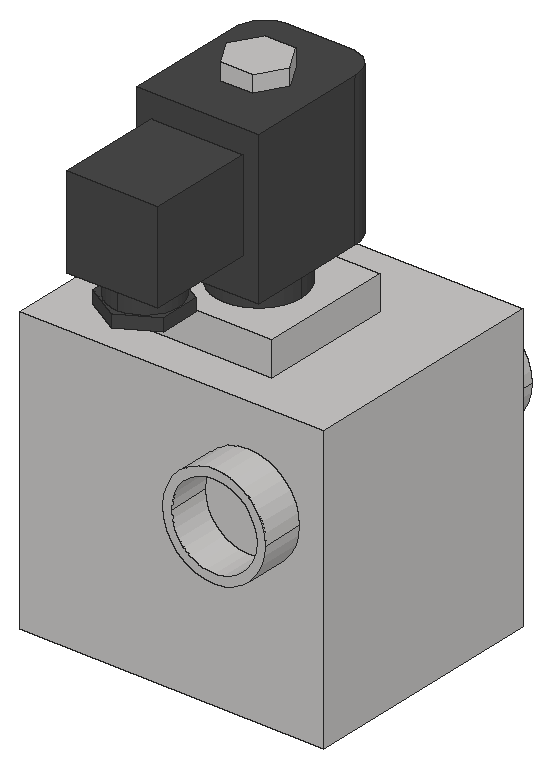
Revit family "Valvula direccional electrica", category Accesorios de tuberías, Revit 2017
Family settings
  Cota de conector redondo = Radio de uso
  Tipo de pieza = Válvula - Se divide en
  Se basa en plano de trabajo = No
  Siempre vertical = Sí
  Corte con vacíos al cargar = No
  Compartido = No
Parameters (values of type "Valvula direccional electrica G 1"")
  URL = "http://aguilera.es/?productos=valvulas-direccionales-electricas"
  Símbolo texto = yes
  Símbolo = yes
  R2 = Radio + 2.5 mm  # 15.2 mm
  Type Comments = ""
  Modelo = "AN/VDE1"
  Fabricante = "Grupo Aguilera"  # constant formula
  L mm = 108 mm
  Keynote = ""
  H mm = 154 mm
  Descripción = "Válvula direccional eléctrica.\r\nSus características principales son:\r\nTensión de alimentación: 230 Vca/50Hz.\r\nCuerpo de acero inoxidable SS304.\r\nJunta de PTFE.\r\nTemperatura de trabajo de -5 a +130ºC.\r\nPresión de trabajo de 0 a 160 bar."  # constant formula
  Code = ""
  Assembly Code = ""
  A mm = 90 mm
  Radio = 12.7 mm
Types (3, lengths in mm): name | R2 | Modelo | L mm | H mm | A mm | Radio
  Valvula direccional electrica G 1/2" | 8.9 | "AN/VDE12" | 99 | 138 | 70 | 6.4
  Valvula direccional electrica G 3/4" | 12 | "AN/VDE34" | 104 | 144 | 80 | 9.5
  Valvula direccional electrica G 1" | 15.2 | "AN/VDE1" | 108 | 154 | 90 | 12.7
Reference planes
  plane 1 "Center (Front/Back)": y = 0
  plane 2: z = 0
  plane 3 "Center (Left/Right)": x = 0
  plane 4: x = -45
  plane 5: x = 45
  plane 6: y = 54
  plane 7: y = -54
  plane 8: z = 154
  plane 9: y = 41.6
  plane 10: y = -32
  plane 11: y = -44.4
  plane 12: x = 22.5
  plane 13: z = 149.038
  plane 14: z = 84.173
  plane 15: z = 109.173
  plane 16: z = 115.302
  plane 17: through (-9.005, -47.34, 1200) normal (-0.5, 0.866, 0)
  plane 18: z = 142.18
Forms (mm)
  Extrusion 1, solid, material "Acero inoxidable"
    sketch origin (0, 0, 0) x (1, 0, 0) y (0, 1, 0)
      loop
        line (-45, -32) -> (45, -32) -> (45, 41.6) -> (-45, 41.6) -> (-45, -32)
    from 0 to 84.173
  Extrusion 2, solid, material "Acero inoxidable"
    sketch origin (70, 32, -16) x (-1, 0, 0) y (0, 0, 1)
      loop
        circle (47.5, 72.441) r 12.7
      loop
        circle (47.5, 72.441) r 15.2
    from 9.6 to 22
  Extrusion 3, solid, material "Acero inoxidable", detail levels medium+fine
    sketch origin (0, 0, 84.173) x (1, 0, 0) y (0, 1, 0)
      loop
        line (-20, -20) -> (20, -20) -> (20, 20) -> (-20, 20) -> (-20, -20)
    from 0 to 10
  Extrusion 4, solid, material "Plastico negro", detail levels medium+fine
    sketch origin (0, 0, 94.173) x (1, 0, 0) y (0, 1, 0)
      loop
        circle (0, 0) r 12.786
    from 0 to 10
  Extrusion 5, solid, material "Plastico negro", detail levels medium+fine
    sketch origin (0, 0, 104.173) x (1, 0, 0) y (0, 1, 0)
      loop
        line (-18, -22.5) -> (18, -22.5) -> (18, 13.332)
        arc (18, 13.332) -> (15.91, 19.389) -> (10.307, 22.5) r 8.956
        line (10.307, 22.5) -> (-10.307, 22.5)
        arc (-10.307, 22.5) -> (-15.91, 19.389) -> (-18, 13.332) r 8.956
        line (-18, 13.332) -> (-18, -22.5)
    from 0 to 44.865
  Extrusion 6, solid, material "Acero inoxidable", detail levels medium+fine
    sketch origin (4267.2, -168.72, 154) x (0, -1, 0) y (1, 0, 0)
      loop
        line (-176.763, -4271.844) -> (-168.72, -4276.488) -> (-160.676, -4271.844) -> (-160.676, -4262.556) -> (-168.72, -4257.912) -> (-176.763, -4262.556) -> (-176.763, -4271.844)
    from 0 to -4.962
  Extrusion 7, solid, material "Plastico negro", detail levels medium+fine
    sketch origin (-18, -22.5, 104.173) x (1, 0, 0) y (0, 0, 1)
      loop
        line (4.587, 38.007) -> (4.587, 11.129) -> (31.413, 11.129) -> (31.413, 38.007) -> (4.587, 38.007)
    from 0 to 31.5
  Extrusion 8, solid, material "Plastico negro", detail levels medium+fine
    sketch origin (13.413, -22.5, 115.302) x (0, 1, 0) y (1, 0, 0)
      loop
        circle (-19.641, -13.413) r 10
    from 0 to 6.129
  Extrusion 9, solid, material "Plastico negro", detail levels medium+fine
    sketch origin (13.413, -22.5, 109.173) x (-1, 0, 0) y (0, 1, 0)
      loop
        line (3.015, -13.638) -> (3.015, -25.645) -> (13.413, -31.648) -> (23.811, -25.645) -> (23.811, -13.638) -> (13.413, -7.634) -> (3.015, -13.638)
    from 0 to 3.702
  Extrusion 10, solid, material "Acero inoxidable"
    sketch origin (70, 32, -16) x (-1, 0, 0) y (0, 0, 1)
      loop
        circle (47.5, 72.441) r 12.7
      loop
        circle (47.5, 72.441) r 15.2
    from -76.4 to -64
Dimensions and locks
  equal spacing: plane 4, plane 3 "Center (Left/Right)", plane 5
  "A mm": plane 4 to plane 5
  equal spacing: plane 6, plane 1 "Center (Front/Back)", plane 7
  "L mm": plane 6 to plane 7
  "H mm": plane 8 to plane 2
  locked: plane 6 to plane 9 at 12.4
  locked: plane 10 to plane 11 at 12.4
  equal spacing: plane 5, plane 12, plane 3 "Center (Left/Right)"
  plane 3 "Center (Left/Right)" to Extrusion 5 = 18 mm
  locked: plane 8 to plane 13 at 4.962
  locked: plane 13 to plane 14 at 64.865
  equal spacing: Extrusion 3 sketch curve, plane 3 "Center (Left/Right)", Extrusion 3 sketch curve
  Extrusion 3 sketch curve to Extrusion 3 sketch curve = 40 mm  (x2)
  Extrusion 3 to Extrusion 4 sketch curve = 7.214 mm
  equal spacing: Extrusion 3 sketch curve, plane 1 "Center (Front/Back)", Extrusion 3 sketch curve
  equal spacing: Extrusion 9 sketch curve, plane 3 "Center (Left/Right)", Extrusion 9 sketch curve
  Extrusion 9 sketch curve to Extrusion 9 sketch curve = 20.796 mm  (x2)
  equal spacing: Extrusion 9 sketch curve, plane 17, Extrusion 9 sketch curve
  locked: plane 15 to plane 14 at 25
  locked: plane 18 to plane 16 at 26.878
  locked: plane 13 to plane 18 at 6.858
  "Radio": radius of Extrusion 2 sketch curve
  radius of Extrusion 4 sketch curve = 12.786 mm
  "Radio": radius of Extrusion 10 sketch curve
  "R2": radius of Extrusion 10 sketch curve
  "R2": radius of Extrusion 2 sketch curve
  aligned and locked: level to plane 2
  aligned and locked: Extrusion 1 sketch curve to plane 4
  aligned and locked: plane 5 to Extrusion 1 sketch curve
  aligned and locked: plane 9 to Extrusion 1 sketch curve
  aligned and locked: Extrusion 1 sketch curve to plane 10
  aligned and locked: Extrusion 5 to Extrusion 6
  aligned and locked: Extrusion 6 to plane 13
  aligned and locked: plane 13 to Extrusion 5
  aligned and locked: Extrusion 1 to Extrusion 3
  aligned and locked: Extrusion 2 to Extrusion 1
  aligned and locked: plane 6 to Extrusion 2
  aligned and locked: Extrusion 10 to plane 11
  aligned and locked: Extrusion 10 to Extrusion 1
  aligned and locked: Extrusion 8 to plane 15
  aligned and locked: Extrusion 7 to plane 16
  aligned and locked: plane 14 to Extrusion 1
Automatic sketch dimensions
  Extrusion 4 sketch curve to Extrusion 3 = 20 mm
  Extrusion 5 sketch curve to Extrusion 5 sketch curve = 7.693 mm
  Extrusion 5 sketch curve to Extrusion 5 sketch curve = 8.951 mm
  Extrusion 5 sketch curve to Extrusion 5 sketch curve = 18.098 mm
  Extrusion 5 sketch curve to Extrusion 5 sketch curve = 1.258 mm
  Extrusion 5 sketch curve to Extrusion 5 sketch curve = 36 mm
  Extrusion 5 sketch curve to Extrusion 5 sketch curve = 35.832 mm  (x2)
  Extrusion 5 sketch curve to Extrusion 5 sketch curve = 0.301 mm
  Extrusion 5 to Extrusion 7 sketch curve = 4.587 mm  (x2)
  Extrusion 5 to Extrusion 7 sketch curve = 33.736 mm
  Extrusion 5 to Extrusion 7 sketch curve = 6.858 mm
  Extrusion 8 sketch curve to Extrusion 7 = 11.859 mm
  Extrusion 8 sketch curve to Extrusion 7 = 13.413 mm
  Extrusion 9 sketch curve to Extrusion 9 sketch curve = 10.398 mm
  Extrusion 9 sketch curve to Extrusion 9 sketch curve = 6.003 mm  (x3)
  Extrusion 2 sketch curve to Extrusion 2 sketch curve = 0 mm  (x2)
  plane 12 to Extrusion 2 sketch curve = 0 mm
  Extrusion 2 sketch curve to plane 14 = 27.731 mm
  Extrusion 10 sketch curve to Extrusion 10 sketch curve = 0 mm  (x2)
  plane 12 to Extrusion 10 sketch curve = 0 mm
  Extrusion 10 sketch curve to plane 14 = 27.731 mm
  radius of Extrusion 8 sketch curve = 10 mm
Nested families
  nested 1: "S_Valvula_Aguilera Extinción" at (0, 0, 0), visible <- "Símbolo", type "S_Valvula_Aguilera Extinción", detail levels coarse
Connectors
  piping at (22.5, 41.6, 56.441), diameter 25.4, driven by "Radio"
    settings: on Extrusion 2, index 2, connector inside diameter 609.6 mm, connector length 0 mm, flow factor 0, pipe flow 0.0 L/s, pressure drop 0.0 Pa, fitting loss kfactor 0, connector angle 0.00°, fixture units 0, engagement length 0 mm, angle of deflection 0.00°, flow configuration 0, flow direction 0, fitting loss method 0, system type 28, joint type 0, gender type 0, connector reference index -1, connector utility 0, adjustable connector no, is connector primary yes, connector description ""
  electrical at (-45, 4.8, 42.086), driven by "Modelo"
    settings: on Extrusion 1, index 3, voltage 230 V, apparent load 33 VA, apparent load phase1 0 VA, apparent load phase2 0 VA, apparent load phase3 0 VA, power factor 1, load classification "Potencia", number of poles 1, system type 30, power factor state 1, is connector primary yes, connector utility no, sub classification motor no, connector description "AN/VDE1"
  piping at (22.5, -32, 56.441), diameter 25.4, driven by "Radio"
    settings: on Extrusion 10, index 4, connector inside diameter 609.6 mm, connector length 0 mm, flow factor 0, pipe flow 0.0 L/s, pressure drop 0.0 Pa, fitting loss kfactor 0, connector angle 0.00°, fixture units 0, engagement length 0 mm, angle of deflection 0.00°, flow configuration 0, flow direction 0, fitting loss method 0, system type 28, joint type 0, gender type 0, connector reference index -1, connector utility 0, adjustable connector no, is connector primary no, connector description ""
Definition of nested family "S_Valvula_Aguilera Extinción"
  Parameters (values of type "S_Valvula_Aguilera Extinción")
    Texto símbolo = "Válvula"
    Texto modelo = yes
    Modelo = "Válvula"
  Reference planes
    plane 1: y = 0
    plane 2: x = 0
  Lines and regions (mm)
    detail lines
      curve 1: line (2.965, 0, 0) -> (1.953, 0, 0)
      curve 2: line (1.953, -0.989, 0) -> (1.953, 0.989, 0)
      curve 3: line (1.953, 0.989, 0) -> (0, 0, 0)
      curve 4: line (1.953, -0.989, 0) -> (0, 0, 0)
      curve 5: line (-2.965, 0, 0) -> (-1.953, 0, 0)
      curve 6: line (-1.953, -0.989, 0) -> (-1.953, 0.989, 0)
      curve 7: line (-1.953, 0.989, 0) -> (0, 0, 0)
      curve 8: line (-1.953, -0.989, 0) -> (0, 0, 0)
  Text (mm)
    label "Texto símbolo" at (-0.164, 2.864, 0), shows "Texto símbolo", visible <- "Texto modelo"
    label "Modelo" at (-0.164, -2.652, 0), shows "Modelo", visible <- "Texto modelo"
